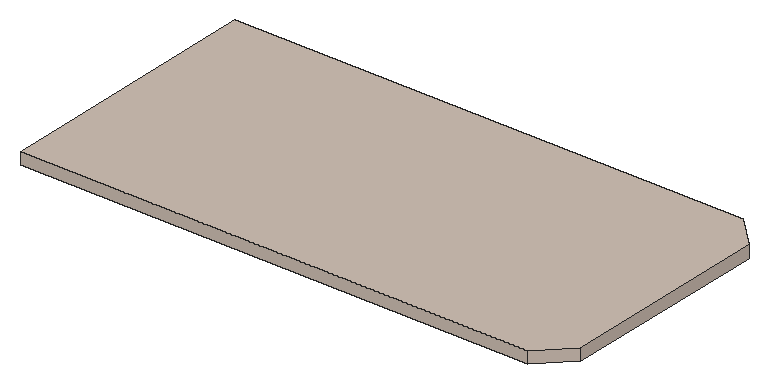
Revit family "Worktop w Chamfered End", category 케이스워크, Revit 2026
Family settings
  작업 기준면 기반 = 아니오
  항상 수직 = 예
  로드될 때 보이드를 사용하여 절단 = 아니오
  공유 = 아니오
  룸 계산 점 = 아니오
Parameters (values of type "Worktop End with Chamfered Corners")
  기본 높이 = 0 mm
  Worktop Width = 900 mm
  Worktop Thickness = 40 mm
  Worktop Length [instance] = 1800 mm
  Material Worktop = Laminate - Marble
  Depth = Worktop Width  # 900 mm
  Height = 900 mm
  Width [instance] = Worktop Length  # 1800 mm
  Chamfer Distance = 100 mm
Reference planes
  plane 1 "Back": y = -65.41
  plane 2: z = 0
  plane 3 "Front": y = -965.41
  plane 4 "Left": x = -405.3
  plane 5 "Right": x = 1394.7
  plane 6 "Top": z = 900
  plane 7: x = 1294.7
  plane 8: y = -865.41
  plane 9: y = -165.41
Forms (mm)
  Extrusion 1, solid, material "Laminate - Marble" <- "Material Worktop"
    sketch origin (0, 0, 900) x (0, -1, 0) y (-1, 0, 0)
      loop
        line (965.41, 405.3) -> (65.41, 405.3) -> (65.41, -1294.7) -> (165.41, -1394.7) -> (865.41, -1394.7) -> (965.41, -1294.7) -> (965.41, 405.3)
    from 0 to 40
Dimensions and locks
  "Worktop Length": plane 5 "Right" to plane 4 "Left"
  "Worktop Width": plane 3 "Front" to plane 1 "Back"
  "Height": level to plane 6 "Top"
  "Worktop Thickness": plane 6 "Top" to Extrusion 1
  "Chamfer Distance": plane 9 to plane 1 "Back"
  "Chamfer Distance": plane 3 "Front" to plane 8
  "Chamfer Distance": plane 7 to plane 5 "Right"
Automatic sketch dimensions
  Extrusion 1 sketch curve to plane 9 = 0 mm
  Extrusion 1 sketch curve to plane 5 "Right" = 0 mm
  Extrusion 1 sketch curve to plane 8 = 0 mm
  Extrusion 1 sketch curve to plane 3 "Front" = 0 mm
  Extrusion 1 sketch curve to plane 4 "Left" = 0 mm
  Extrusion 1 sketch curve to plane 7 = 0 mm  (x2)
  Extrusion 1 sketch curve to plane 1 "Back" = 0 mm
